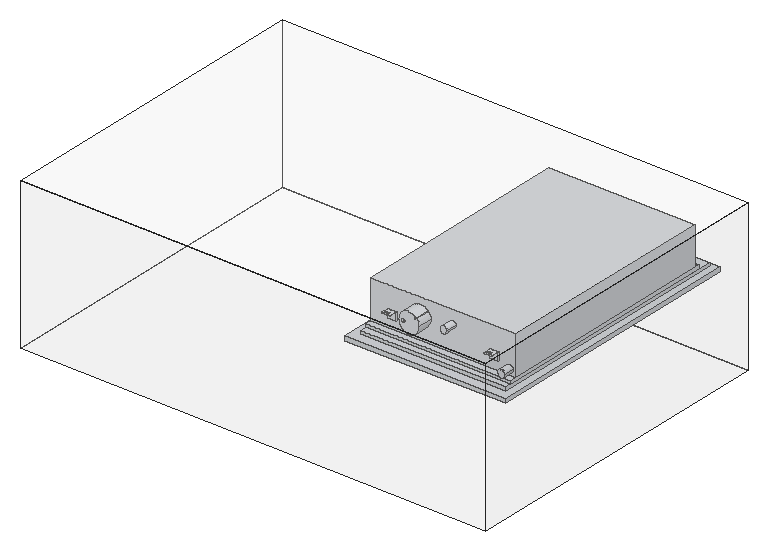
Revit family "pm-(h)rp40_80fa17_50Hz", category 機械設備, Revit 2019
Family settings
  丸型コネクタ寸法 = 直径を使用
  パーツ タイプ = 標準
  OmniClass 番号 = 23.75.10.24.21.27.27
  OmniClass タイトル = Split System Air Conditioning Units
  作業面ベース = いいえ
  常に垂直 = はい
  ロード時にボイドで切り取り = いいえ
  共有 = いいえ
  部屋計算ポイント = はい
Parameters (values of type "天井1方向_PM-RP40FA17")
  風量（静）（m3／min） = 11
  風量（強）（m3／min） = 15
  風量（弱）（m3／min） = 12
  風量（中）（m3／min） = 14
  風量 = MAX風量  # 900.0 m³/h
  音響パワーレベル（弱）(dB) = 47
  音響パワーレベル（中2）(dB) = 50
  音響パワーレベル（中1）(dB) = 52
  音響パワーレベル(dB) = 55
  電源種別 = ""
  電源_H = 60 mm
  電圧_電気ヒーター = 0 V
  電圧 = 200 V
  電動機出力_送風機 = 0.09 kW
  運転質量 = 0.00 kg
  連動 = ""
  質量 = if(製品質量 > 運転質量, 製品質量, 運転質量) * 1.2  # 37.80 kg
  負荷分類 = 3_ファン類
  構成品番 = "PM-RP40FA"
  ドレン管径 (外径) = 32 mm
  ドレン管径 = 25 mm
  サービススペース = yes
  URL = "https://www.mitsubishielectric.co.jp/ldg/wink/ssl/displayProduct.do?pid=311454"
  説明 = "店舗・事務所用パッケージエアコン(Mr.SLIM) [本体]1方向天井カセット形"
  設計暖房能力 = 0.00 kW
  設計冷房能力_顕熱 = 0 kW
  設計冷房能力 = 0 kW
  設置方法 = "カセット形"
  記号 = ""
  製造元 = "三菱電機株式会社"
  製品質量 = 31.50 kg
  製品出荷対象 = "国内"
  製品リリース年月 = "2021/5/10"
  製品グループ = ""
  系統 = ""
  符号 = "PAC-CK1"
  積算_科目 = "1 空気調和設備"
  積算_拾い区分 [instance] = ""
  相 = 1
  盤記号 = ""
  発停方法 = "付属スイッチ"
  特殊仕様 = ""
  火災停止 = ""
  消費電力_電気ヒーター = 0.00 kW
  消費電力_暖房 = 0.07 kW
  消費電力_加湿器 = 0.00 kW
  消費電力_冷房 = 0.08 kW
  消費電力 = if(消費電力_冷房 > 消費電力_暖房, 消費電力_冷房, 消費電力_暖房) + 消費電力_加湿器 + 消費電力_電気ヒーター  # 0.08 kW
  法定耐用年数 = "6"
  極数 = 1
  材質 = ""
  本体マテリアル = none
  有効加湿量 = 0
  暖房能力 = 4.00 kW
  推奨ブレーカー容量 = 0 A
  形式_加湿器 = ""
  形式 = "1方向天井カセット形"
  幹線記号 = ""
  始動方式 = "直入"
  呼称 = "パッケージ形空気調和機_室内機"
  周波数 = 50 Hz
  吊り位置Y = 1173 mm
  吊り位置X = 510 mm
  吊りボルト_H = 117 mm
  台数_手元リモコン = ""
  台数_冷媒分岐ユニット = ""
  参照している仕様書等のバージョン = "公共建築工事標準仕様書（機械設備工事編）平成31年度版"
  加湿給水管径 = 0 mm
  分類コード = "50053003123030"
  分類グループ = ""
  冷房能力 = 3.6 kW
  冷媒高低圧ガス管径 = 0 mm
  冷媒管径符号 = "Ac"
  冷媒管径 = 100 mm
  冷媒液管高さ = 171 mm
  冷媒液管長さ = 72 mm
  冷媒液管径 = 6.4 mm
  冷媒ガス管高さ = 141 mm
  冷媒ガス管長さ = 72 mm
  冷媒ガス管径 = 12.7 mm
  企業コード = "108420"
  付属品_フィルター = ""
  付属品 = ""
  仕様書バージョン = "Version1.0"
  Model = ""
  パネルマテリアル = none
  ドレン管高さ = 159 mm
  コメント [instance] = ""
  ケーブル種類 = ""
  ケーブルサイズ = 0 mm
  Width = 724 mm
  Version = ""
  Uniclass2015Version = "Systems v1.9"
  Uniclass2015Title = "Split coil remote air cooled condensing units"
  Uniclass2015Code = "Pr_70_65_03_84"
  SpecificationReference = ""
  SpecificationDescription = ""
  S_H = 230 mm
  Revision = ""
  ProductInformation = ""
  Panel Width = 800 mm
  Panel Height = 20 mm
  Panel Depth = 1340 mm
  OmniClassCode = "23-33 17 13 11"
  MIN風量 = 風量（静）（m3／min） * 60.0 m³/h  # 660.0 m³/h
  MID風量2 = 風量（弱）（m3／min） * 60.0 m³/h  # 720.0 m³/h
  MID風量 = 風量（中）（m3／min） * 60.0 m³/h  # 840.0 m³/h
  MAX風量 = 風量（強）（m3／min） * 60.0 m³/h  # 900.0 m³/h
  IfcTypeProduct = ""
  IfcProduct = ""
  IfcExportType = "AIRCONDITIONINGUNIT"
  IfcExportAs = "IfcUnitaryEquipmentType"
  Height = 225 mm
  Depth = 1112 mm
  価格 = 275000
  Clearance Top = 230 mm
  Clearance Right = 20 mm
  Clearance Left = 1500 mm
  Clearance Front = 150 mm
  Clearance Bottom = 500 mm
  Clearance Back = 150 mm
  Author = "三菱電機株式会社"
Types (8, lengths in mm): name | 風量（静）（m3／min） | 風量（強）（m3／min） | 風量（弱）（m3／min） | 風量（中）（m3／min） | 風量 | 音響パワーレベル（弱）(dB) | 音響パワーレベル（中2）(dB) | 音響パワーレベル（中1）(dB) | 音響パワーレベル(dB) | 電源_H | 電動機出力_送風機 | 質量 | 構成品番 | URL | 製品質量 | 消費電力_暖房 | 消費電力_冷房 | 消費電力 | 暖房能力 | 冷房能力 | 冷媒管径符号 | 冷媒液管径 | 冷媒ガス管径 | MIN風量 | MID風量2 | MID風量 | MAX風量 | 価格
  天井1方向_PM-RP40FA17 | 11 | 15 | 12 | 14 | 900.0 m³/h | 47 | 50 | 52 | 55 | 60 | 0.09 kW | 37.80 kg | "PM-RP40FA" | "https://www.mitsubishielectric.co.jp/ldg/wink/ssl/displayProduct.do?pid=311454" | 31.50 kg | 0.07 kW | 0.08 kW | 0.08 kW | 4.00 kW | 3.6 kW | "Ac" | 6.4 | 12.7 | 660.0 m³/h | 720.0 m³/h | 840.0 m³/h | 900.0 m³/h | 275000
  天井1方向_PM-RP45FA17 | 11 | 15 | 12 | 14 | 900.0 m³/h | 47 | 50 | 52 | 55 | 60 | 0.09 kW | 37.80 kg | "PM-RP45FA" | "https://www.mitsubishielectric.co.jp/ldg/wink/ssl/displayProduct.do?pid=311455" | 31.50 kg | 0.07 kW | 0.08 kW | 0.08 kW | 4.50 kW | 4 kW | "Ac" | 6.4 | 12.7 | 660.0 m³/h | 720.0 m³/h | 840.0 m³/h | 900.0 m³/h | 283000
  天井1方向_PM-RP50FA17 | 11 | 15 | 12 | 14 | 900.0 m³/h | 47 | 50 | 52 | 55 | 60 | 0.09 kW | 37.80 kg | "PM-RP50FA" | "https://www.mitsubishielectric.co.jp/ldg/wink/ssl/displayProduct.do?pid=311456" | 31.50 kg | 0.07 kW | 0.08 kW | 0.08 kW | 5.00 kW | 4.5 kW | "Ac" | 6.4 | 12.7 | 660.0 m³/h | 720.0 m³/h | 840.0 m³/h | 900.0 m³/h | 306000
  天井1方向_PM-RP56FA17 | 14 | 17 | 15 | 16 | 1020.0 m³/h | 50 | 51 | 53 | 55 | 60 | 0.095 kW | 39.00 kg | "PM-RP56FA" | "https://www.mitsubishielectric.co.jp/ldg/wink/ssl/displayProduct.do?pid=311457" | 32.50 kg | 0.07 kW | 0.08 kW | 0.08 kW | 5.60 kW | 5 kW | "Ac" | 6.4 | 12.7 | 840.0 m³/h | 900.0 m³/h | 960.0 m³/h | 1020.0 m³/h | 317000
  天井1方向_PM-RP63FA17 | 14 | 19 | 16 | 17 | 1140.0 m³/h | 50 | 52 | 54 | 56 | 60 | 0.095 kW | 39.00 kg | "PM-RP63FA" | "https://www.mitsubishielectric.co.jp/ldg/wink/ssl/displayProduct.do?pid=311458" | 32.50 kg | 0.08 kW | 0.09 kW | 0.09 kW | 6.30 kW | 5.6 kW | "Ac" | 6.4 | 12.7 | 840.0 m³/h | 960.0 m³/h | 1020.0 m³/h | 1140.0 m³/h | 330000
  天井1方向_PM-RP71FA17 | 14 | 20 | 16 | 18 | 1200.0 m³/h | 51 | 53 | 55 | 58 | 60 | 0.095 kW | 39.00 kg | "PM-RP71FA" | "https://www.mitsubishielectric.co.jp/ldg/wink/ssl/displayProduct.do?pid=311501" | 32.50 kg | 0.09 kW | 0.10 kW | 0.10 kW | 7.00 kW | 6.3 kW | "Bd" | 9.5 | 15.9 | 840.0 m³/h | 960.0 m³/h | 1080.0 m³/h | 1200.0 m³/h | 336000
  天井1方向_PM-RP80FA17 | 14 | 20 | 16 | 18 | 1200.0 m³/h | 51 | 53 | 55 | 58 | 0 | 0.095 kW | 39.00 kg | "PM-RP80FA" | "https://www.mitsubishielectric.co.jp/ldg/wink/ssl/displayProduct.do?pid=311502" | 32.50 kg | 0.09 kW | 0.10 kW | 0.10 kW | 8.00 kW | 7.1 kW | "Bd" | 9.5 | 15.9 | 840.0 m³/h | 960.0 m³/h | 1080.0 m³/h | 1200.0 m³/h | 352000
  天井1方向_PM-HRP80FA17 | 14 | 20 | 16 | 18 | 1200.0 m³/h | 51 | 53 | 55 | 59 | 60 | 0.095 kW | 40.20 kg | "PM-HRP80FA" | "https://www.mitsubishielectric.co.jp/ldg/wink/ssl/displayProduct.do?pid=311503" | 33.50 kg | 0.10 kW | 0.11 kW | 0.11 kW | 8.00 kW | 7.1 kW | "Bd" | 9.5 | 15.9 | 840.0 m³/h | 960.0 m³/h | 1080.0 m³/h | 1200.0 m³/h | 358000
Reference planes
  plane 1 "中心(正面/背面)": y = 0
  plane 2: z = 0
  plane 3 "中心(左/右)": x = 0
  plane 4: x = -400
  plane 5: x = 400
  plane 6: y = 670
  plane 7: y = -670
  plane 8: z = 225
  plane 9: z = 230
  plane 10: x = -255
  plane 11: x = 255
  plane 12: y = 586.5
  plane 13: y = -586.5
  plane 14: y = 556
  plane 15: y = -556
  plane 16: x = -362
  plane 17: x = 362
  plane 18: x = -1900
  plane 19: x = 420
  plane 20: y = 820
  plane 21: y = -820
  plane 22: z = 230
  plane 23: z = -20
  plane 24: z = -520
Dimensions and locks
  equal spacing: plane 4, plane 3 "中心(左/右)", plane 5
  plane 4 to plane 5 = 800 mm
  equal spacing: plane 7, plane 1 "中心(正面/背面)", plane 6
  plane 4 to plane 10 = 145 mm
  plane 11 to plane 5 = 145 mm
  "S_H": plane 9 to level
  "吊り位置X": plane 10 to plane 11
  equal spacing: plane 10, plane 3 "中心(左/右)", plane 11
  equal spacing: plane 13, plane 1 "中心(正面/背面)", plane 12
  "吊り位置Y": plane 13 to plane 12
  equal spacing: plane 15, plane 1 "中心(正面/背面)", plane 14
  "Depth": plane 15 to plane 14
  equal spacing: plane 16, plane 3 "中心(左/右)", plane 17
  "Width": plane 16 to plane 17
  "Clearance Left": plane 18 to plane 4
  "Clearance Right": plane 5 to plane 19
  "Clearance Back": plane 6 to plane 20
  "Clearance Front": plane 21 to plane 7
  locked: level to plane 23 at 20
  "Clearance Bottom": plane 23 to plane 24
  "Clearance Top": plane 22 to level
  plane 12 to plane 6 = 83.5 mm
  plane 7 to plane 13 = 83.5 mm
  plane 7 to plane 6 = 1340 mm
  "Height": plane 8 to level
  aligned and locked: level to plane 2
  aligned and locked: plane 10 to nested 2
  aligned and locked: plane 11 to nested 2
  aligned and locked: nested 2 to plane 12
  aligned and locked: plane 13 to nested 2
  aligned and locked: plane 18 to nested 1
  aligned and locked: plane 19 to nested 1
  aligned and locked: nested 1 to plane 21
  aligned and locked: nested 1 to plane 20
  aligned and locked: plane 22 to nested 1
  aligned and locked: plane 24 to nested 1
  aligned and locked: plane 1 "中心(正面/背面)" to nested 3
  aligned and locked: nested 3 to plane 3 "中心(左/右)"
Nested families
  nested 1: "サービススペース" at (-740, 0, -145), visible <- "サービススペース", type "サービススペース"
    with Width 2320 mm, Height 750 mm, Depth 1640 mm
  nested 2: "固定点" at (-255, -586.5, 0), type "固定点"
    with W 510 mm, D 1173 mm
  nested 3: "PM-RP○○FA17" at (0, 0, 0) x (0, -1, 0) z (0, 0, 1), type "PM-RP○○FA17"
    with ユニット表示 yes, 冷媒液管径-Z 171 mm, 冷媒ガス管径-Z 141 mm, ドレン配管サイズ 32 mm
Connectors
  piping at (47, -613, 159), diameter 25, driven by "ドレン管径"
    settings: on nested 3, index 1, connector inside diameter 609.6 mm, connector length 0 mm, flow factor 0, pipe flow 0.0 L/s, pressure drop 0.0 Pa, fitting loss kfactor 0, connector angle 0.00°, fixture units 0, engagement length 0 mm, angle of deflection 0.00°, flow configuration 1, flow direction 2, fitting loss method 4, system type 16, joint type 0, gender type 0, connector reference index -1, connector utility 0, adjustable connector no, is connector primary yes, connector description ""
  piping at (-113, -628, 141), diameter 100, driven by "冷媒管径", driven by "冷媒管径符号"
    settings: on nested 3, index 2, connector inside diameter 609.6 mm, connector length 0 mm, flow factor 0, pipe flow 0.0 L/s, pressure drop 0.0 Pa, fitting loss kfactor 0, connector angle 0.00°, fixture units 0, engagement length 0 mm, angle of deflection 0.00°, flow configuration 1, flow direction 1, fitting loss method 4, system type 7, joint type 0, gender type 0, connector reference index -1, connector utility 0, adjustable connector no, is connector primary no, connector description "Ac"
  electrical at (330, -606, 60), driven by "極数", driven by "負荷分類", driven by "電圧", driven by "消費電力"
    settings: on nested 3, index 3, voltage 200 V, apparent load 80 VA, apparent load phase1 0 VA, apparent load phase2 0 VA, apparent load phase3 0 VA, power factor 1, load classification "3_ファン類", number of poles 1, system type 30, power factor state 1, is connector primary yes, connector utility no, sub classification motor no, connector description ""
Definition of nested family "サービススペース"
  Parameters (values of type "サービススペース")
    Width [instance] = 500 mm
    Height [instance] = 500 mm
    Depth [instance] = 500 mm
  Reference planes
    plane 1 "中心(正面/背面)": y = 0
    plane 2: z = 0
    plane 3 "中心(左/右)": x = 0
    plane 4: y = -250
    plane 5: x = 250
    plane 6: y = 250
    plane 7: x = -250
    plane 8: z = 250
    plane 9: z = -250
  Forms (mm)
    Extrusion 1, solid
      sketch origin (-638.939, 0, 72.39) x (1, 0, 0) y (0, 1, 0)
        loop
          line (388.939, 250) -> (388.939, -250) -> (888.939, -250) -> (888.939, 250) -> (388.939, 250)
      from -322.39 to 177.61
  Lines and regions (mm)
    symbolic lines
      curve 1: line (-250, 0, 250) -> (250, 0, 250)
      curve 2: line (-250, 0, -250) -> (-250, 0, 250)
      curve 3: line (250, 0, -250) -> (-250, 0, -250)
      curve 4: line (250, 0, 250) -> (250, 0, -250)
      curve 5: line (0, -250, 250) -> (0, 250, 250)
      curve 6: line (0, -250, -250) -> (0, -250, 250)
      curve 7: line (0, 250, -250) -> (0, -250, -250)
      curve 8: line (0, 250, 250) -> (0, 250, -250)
      curve 9: line (-250, 250, 0) -> (250, 250, 0)
      curve 10: line (-250, -250, 0) -> (-250, 250, 0)
      curve 11: line (250, -250, 0) -> (-250, -250, 0)
      curve 12: line (250, 250, 0) -> (250, -250, 0)
  Dimensions and locks
    equal spacing: plane 7, plane 3 "中心(左/右)", plane 5
    equal spacing: plane 4, plane 1 "中心(正面/背面)", plane 6
    "Depth": plane 4 to plane 6
    "Width": plane 7 to plane 5
    equal spacing: plane 8, plane 2, plane 9
    "Height": plane 8 to plane 9
    aligned and locked: plane 9 to curve 3
    aligned and locked: plane 7 to curve 2
    aligned and locked: curve 4 to plane 5
    aligned and locked: plane 5 to Extrusion 1
    aligned and locked: Extrusion 1 to plane 7
    aligned and locked: Extrusion 1 to plane 9
    aligned and locked: plane 8 to Extrusion 1
    aligned and locked: plane 9 to curve 7
  Automatic sketch dimensions
    plane 4 to Extrusion 1 sketch curve = 0 mm
    Extrusion 1 sketch curve to plane 7 = 0 mm
    Extrusion 1 sketch curve to plane 5 = 0 mm
    plane 6 to Extrusion 1 sketch curve = 0 mm
    curve 2 to plane 8 = 0 mm
    plane 4 to curve 11 = 0 mm
    curve 11 to plane 7 = 0 mm
    curve 11 to plane 5 = 0 mm
    plane 6 to curve 10 = 0 mm
    curve 7 to plane 4 = 0 mm
    curve 7 to plane 6 = 0 mm
    curve 6 to plane 8 = 0 mm
Definition of nested family "PM-RP○○FA17"
  Parameters (values of type "PM-RP○○FA17")
    配線取出口サイズ = 36 mm
    配線取出口-Z = 60 mm
    配線取出口-Y = 32 mm
    配線取出口-X = 50 mm
    液配管サイズ = 6.4 mm
    冷媒ガス管径-Z2 = 141 mm
    冷媒ガス管径-Z1 = 171 mm
    A = 幅さ + 228 mm  # 1340 mm
    高さ = 225 mm
    奥行き = 724 mm
    吊りボルト_H = 117 mm
    冷媒配管 = 100 mm
    冷媒液管径-Z = 156 mm
    冷媒液管径-Y = 445 mm
    冷媒液管径-X = 72 mm
    冷媒ガス管径-Z = 156 mm
    冷媒ガス管径-Y = 505 mm
    冷媒ガス管径-X = 72 mm
    ユニット表示 [instance] = yes
    ボルトピッチ = 510 mm
    ドレン配管サイズ = 25 mm
    ドレン管径-Z = 159 mm
    ドレン管径-Y = 315 mm
    ドレン管径-X = 57 mm
    ガス配管サイズ = 12.7 mm
    D = 幅さ + 61 mm  # 1173 mm
    幅さ = 1112 mm
    B = 幅さ + 188 mm  # 1300 mm
  Reference planes
    plane 1 "中心(正面/背面)": y = 0
    plane 2: z = 0
    plane 3 "中心(左/右)": x = 0
    plane 4: x = -670
    plane 5: x = 670
    plane 6: y = 400
    plane 7: y = -400
    plane 8: z = 225
    plane 9: z = -20
    plane 10: x = -556
    plane 11: x = 556
    plane 12: y = 362
    plane 13: y = -362
    plane 14: z = 16
    plane 15: x = -650
    plane 16: x = 650
    plane 17: x = 586.5
    plane 18: x = -586.5
    plane 19: z = 32
    plane 20: x = 620
    plane 21: y = 255
    plane 22: y = -255
    plane 23: x = 628
    plane 24: y = -143
    plane 25: z = 156
    plane 26: x = 628
    plane 27: y = -83
    plane 28: x = 613
    plane 29: y = 47
    plane 30: z = 159
    plane 31: x = 606
    plane 32: y = 330
    plane 33: z = 60
    plane 34: z = 117
    plane 35: z = 115
    plane 36: z = 75
    plane 37: y = 275
    plane 38: y = 235
    plane 39: y = -235
    plane 40: y = -275
    plane 41: y = 260
    plane 42: y = 250
    plane 43: y = -250
    plane 44: y = -260
    plane 45: x = -596
    plane 46: x = 596
    plane 47: x = -558
    plane 48: x = 558
    plane 49: z = 141
    plane 50: z = 171
  Forms (mm)
    Extrusion 1, solid, visible <- "ユニット表示", detail levels fine
      sketch origin (0, 0, 0) x (1, 0, 0) y (0, 1, 0)
        loop
          line (-556, 362) -> (-556, -362) -> (556, -362) -> (556, 362) -> (-556, 362)
      from 32 to 225
    Extrusion 2, solid, visible <- "ユニット表示", detail levels fine
      sketch origin (-1437.329, -1524, 16) x (-1, 0, 0) y (0, -1, 0)
        loop
          line (-850.829, -1886) -> (-850.829, -1162) -> (-2023.829, -1162) -> (-2023.829, -1886) -> (-850.829, -1886)
      from 0 to 16
    Extrusion 3, solid, visible <- "ユニット表示", detail levels fine
      sketch origin (-1437.329, -1524, 16) x (-1, 0, 0) y (0, -1, 0)
        loop
          line (-787.329, -1886) -> (-787.329, -1162) -> (-2057.329, -1162) -> (-2057.329, -1886) -> (-787.329, -1886)
      from 0 to -16
    Extrusion 4, solid, visible <- "ユニット表示", detail levels fine
      sketch origin (556, 1296.25, 1200) x (0, 1, 0) y (0, 0, 1)
        loop
          circle (-1439.25, -1059) r 6.35
      from 0 to 72
    Extrusion 5, solid, visible <- "ユニット表示", detail levels fine
      sketch origin (556, 1296.25, 1200) x (0, 1, 0) y (0, 0, 1)
        loop
          circle (-1379.25, -1029) r 3.2
      from 0 to 72
    Extrusion 6, solid, visible <- "ユニット表示", detail levels fine
      sketch origin (556, 1296.25, 1200) x (0, 1, 0) y (0, 0, 1)
        loop
          circle (-1249.25, -1041) r 12.5
      from 0 to 57
    Extrusion 7, solid, visible <- "ユニット表示", detail levels fine
      sketch origin (556, 1296.25, 1200) x (0, 1, 0) y (0, 0, 1)
        loop
          circle (-966.25, -1140) r 18
      from 0 to 50
    Extrusion 8, solid, visible <- "ユニット表示", detail levels fine
      sketch origin (556, 1306.25, 1200) x (0, 1, 0) y (0, 0, 1)
        loop
          circle (-1419.25, -1044) r 50
      from 0 to 72
    Extrusion 9, solid, visible <- "ユニット表示"
      sketch origin (0, 0, 0) x (1, 0, 0) y (0, 1, 0)
        loop
          line (-670, 400) -> (-670, -400) -> (670, -400) -> (670, 400) -> (-670, 400)
      from 0 to -20
    Extrusion 10, solid, visible <- "ユニット表示", detail levels fine
      sketch origin (0, 0, 0) x (1, 0, 0) y (0, 1, 0)
        loop
          line (-581.5, 260) -> (-581.5, 250)
          arc (-581.5, 250) -> (-586.5, 245) -> (-591.5, 250) r 5
          line (-591.5, 250) -> (-596, 250) -> (-596, 235) -> (-556, 235) -> (-556, 275) -> (-596, 275) -> (-596, 260) -> (-591.5, 260)
          arc (-591.5, 260) -> (-586.5, 265) -> (-581.5, 260) r 5
        loop
          arc (581.5, 260) -> (586.5, 265) -> (591.5, 260) r 5
          line (591.5, 260) -> (596, 260) -> (596, 275) -> (556, 275) -> (556, 235) -> (596, 235) -> (596, 250) -> (591.5, 250)
          arc (591.5, 250) -> (586.5, 245) -> (581.5, 250) r 5
          line (581.5, 250) -> (581.5, 260)
        loop
          line (581.5, -260) -> (581.5, -250)
          arc (581.5, -250) -> (586.5, -245) -> (591.5, -250) r 5
          line (591.5, -250) -> (596, -250) -> (596, -235) -> (556, -235) -> (556, -275) -> (596, -275) -> (596, -260) -> (591.5, -260)
          arc (591.5, -260) -> (586.5, -265) -> (581.5, -260) r 5
        loop
          arc (-581.5, -260) -> (-586.5, -265) -> (-591.5, -260) r 5
          line (-591.5, -260) -> (-596, -260) -> (-596, -275) -> (-556, -275) -> (-556, -235) -> (-596, -235) -> (-596, -250) -> (-591.5, -250)
          arc (-591.5, -250) -> (-586.5, -245) -> (-581.5, -250) r 5
          line (-581.5, -250) -> (-581.5, -260)
      from 115 to 117
    Extrusion 11, solid, visible <- "ユニット表示", detail levels fine
      sketch origin (0, 0, 0) x (1, 0, 0) y (0, 1, 0)
        loop
          line (-558, 275) -> (-558, 235) -> (-556, 235) -> (-556, 275) -> (-558, 275)
        loop
          line (556, 275) -> (556, 235) -> (558, 235) -> (558, 275) -> (556, 275)
        loop
          line (556, -235) -> (556, -275) -> (558, -275) -> (558, -235) -> (556, -235)
        loop
          line (-558, -235) -> (-558, -275) -> (-556, -275) -> (-556, -235) -> (-558, -235)
      from 75 to 115
  Dimensions and locks
    equal spacing: plane 7, plane 1 "中心(正面/背面)", plane 6
    plane 7 to plane 6 = 800 mm
    equal spacing: plane 4, plane 3 "中心(左/右)", plane 5
    "A": plane 4 to plane 5
    locked: level to plane 9 at 20
    equal spacing: plane 13, plane 1 "中心(正面/背面)", plane 12
    "奥行き": plane 13 to plane 12
    equal spacing: plane 10, plane 3 "中心(左/右)", plane 11
    "幅さ": plane 10 to plane 11
    locked: plane 14 to level at 16
    equal spacing: plane 15, plane 3 "中心(左/右)", plane 16
    "B": plane 15 to plane 16
    equal spacing: plane 18, plane 3 "中心(左/右)", plane 17
    "D": plane 18 to plane 17
    equal spacing: plane 22, plane 1 "中心(正面/背面)", plane 21
    "ボルトピッチ": plane 22 to plane 21
    "冷媒ガス管径-X": plane 11 to plane 23
    "冷媒ガス管径-Y": plane 24 to plane 12
    "冷媒液管径-X": plane 11 to plane 26
    "冷媒液管径-Y": plane 27 to plane 12
    "ドレン管径-X": plane 11 to plane 28
    "ドレン管径-Y": plane 29 to plane 12
    "配線取出口-X": plane 11 to plane 31
    "配線取出口-Y": plane 32 to plane 12
    "配線取出口-Z": plane 33 to level
    "ドレン管径-Z": plane 30 to level
    "冷媒ガス管径-Z": plane 25 to level
    locked: plane 35 to plane 36 at 40
    locked: plane 34 to plane 35 at 2
    "吊りボルト_H": plane 34 to level
    plane 40 to plane 22 to plane 39 = 20 mm locked, 20 mm locked
    plane 38 to plane 21 to plane 37 = 20 mm locked, 20 mm locked
    plane 44 to plane 22 to plane 43 = 5 mm locked, 5 mm locked
    plane 42 to plane 21 to plane 41 = 5 mm locked, 5 mm locked
    locked: plane 45 to plane 10 at 40
    locked: plane 11 to plane 46 at 40
    locked: plane 11 to plane 48 at 2
    locked: plane 47 to plane 10 at 2
    plane 16 to plane 15 = 1300 mm
    plane 4 to plane 15 = 20 mm
    plane 15 to plane 10 = 94 mm
    plane 11 to plane 16 = 94 mm
    plane 12 to plane 6 = 38 mm
    locked: plane 19 to plane 14 at 16
    "高さ": plane 8 to level
    equal spacing: plane 24, Extrusion 8 sketch curve, plane 27
    plane 7 to plane 13 = 38 mm
    plane 16 to plane 5 = 20 mm
    "冷媒ガス管径-Z2": plane 49 to level
    "冷媒ガス管径-Z1": plane 50 to level
    "ガス配管サイズ": diameter of Extrusion 4 sketch curve
    "液配管サイズ": diameter of Extrusion 5 sketch curve
    "配線取出口サイズ": diameter of Extrusion 7 sketch curve
    "冷媒配管": diameter of Extrusion 8 sketch curve
    "ドレン配管サイズ": diameter of Extrusion 6 sketch curve
    aligned and locked: level to plane 2
    aligned and locked: plane 12 to Extrusion 1 sketch curve
    aligned and locked: plane 10 to Extrusion 1 sketch curve
    aligned and locked: Extrusion 1 sketch curve to plane 13
    aligned and locked: Extrusion 1 sketch curve to plane 11
    aligned and locked: plane 8 to Extrusion 1
    aligned and locked: plane 12 to Extrusion 2 sketch curve
    aligned and locked: plane 18 to Extrusion 2 sketch curve
    aligned and locked: Extrusion 2 sketch curve to plane 13
    aligned and locked: Extrusion 2 sketch curve to plane 17
    aligned and locked: plane 19 to Extrusion 2
    aligned and locked: Extrusion 1 to Extrusion 2
    aligned and locked: plane 12 to Extrusion 3 sketch curve
    aligned and locked: Extrusion 3 sketch curve to plane 13
    aligned and locked: Extrusion 3 sketch curve to plane 20
    aligned and locked: Extrusion 3 to level
    aligned and locked: plane 14 to Extrusion 3
    aligned and locked: plane 24 to Extrusion 4 sketch curve
    aligned and locked: Extrusion 4 to plane 11
    aligned and locked: plane 23 to Extrusion 4
    aligned and locked: plane 27 to Extrusion 5 sketch curve
    aligned and locked: plane 26 to Extrusion 5
    aligned and locked: Extrusion 5 to plane 11
    aligned and locked: plane 30 to Extrusion 6 sketch curve
    aligned and locked: plane 29 to Extrusion 6 sketch curve
    aligned and locked: Extrusion 6 to plane 11
    aligned and locked: plane 28 to Extrusion 6
    aligned and locked: plane 33 to Extrusion 7 sketch curve
    aligned and locked: plane 32 to Extrusion 7 sketch curve
    aligned and locked: Extrusion 7 to plane 11
    aligned and locked: plane 31 to Extrusion 7
    aligned and locked: plane 25 to Extrusion 8 sketch curve
    aligned and locked: Extrusion 8 to plane 11
    aligned and locked: plane 26 to Extrusion 8
    aligned and locked: level to Extrusion 9
    aligned and locked: Extrusion 9 to plane 9
    aligned and locked: Extrusion 10 sketch curve to plane 10
    aligned and locked: plane 34 to Extrusion 10
    aligned and locked: Extrusion 10 to plane 35
    aligned and locked: plane 37 to Extrusion 10 sketch curve
    aligned and locked: plane 45 to Extrusion 10 sketch curve  (x2)
    aligned and locked: Extrusion 10 sketch curve to plane 38
    aligned and locked: Extrusion 10 sketch curve to plane 42
    aligned and locked: Extrusion 10 sketch curve to plane 41
    aligned and locked: plane 41 to Extrusion 10 sketch curve  (x3)
    aligned and locked: plane 42 to Extrusion 10 sketch curve  (x3)
    aligned and locked: plane 18 to Extrusion 10 sketch curve  (x4)
    aligned and locked: plane 10 to Extrusion 10 sketch curve
    aligned and locked: Extrusion 10 sketch curve to plane 39
    aligned and locked: plane 40 to Extrusion 10 sketch curve
    aligned and locked: plane 44 to Extrusion 10 sketch curve  (x3)
    aligned and locked: plane 43 to Extrusion 10 sketch curve  (x3)
    aligned and locked: Extrusion 10 sketch curve to plane 43
    aligned and locked: Extrusion 10 sketch curve to plane 44
    aligned and locked: Extrusion 10 sketch curve to plane 45  (x2)
    aligned and locked: plane 11 to Extrusion 10 sketch curve
    aligned and locked: Extrusion 10 sketch curve to plane 46  (x2)
    aligned and locked: plane 17 to Extrusion 10 sketch curve  (x4)
    aligned and locked: Extrusion 10 sketch curve to plane 40
    aligned and locked: plane 39 to Extrusion 10 sketch curve
    aligned and locked: plane 46 to Extrusion 10 sketch curve  (x2)
    aligned and locked: plane 38 to Extrusion 10 sketch curve
    aligned and locked: Extrusion 10 sketch curve to plane 11
    aligned and locked: Extrusion 10 sketch curve to plane 37
    aligned and locked: plane 37 to Extrusion 11 sketch curve
    aligned and locked: plane 47 to Extrusion 11 sketch curve  (x2)
    aligned and locked: Extrusion 11 sketch curve to Extrusion 10  (x8)
    aligned and locked: Extrusion 11 sketch curve to plane 38
    aligned and locked: Extrusion 11 sketch curve to plane 48  (x2)
    aligned and locked: Extrusion 11 sketch curve to plane 40
    aligned and locked: plane 39 to Extrusion 11 sketch curve
    aligned and locked: Extrusion 11 to Extrusion 10
    aligned and locked: Extrusion 11 to plane 36
    aligned and locked: plane 49 to Extrusion 4 sketch curve
    aligned and locked: plane 50 to Extrusion 5 sketch curve
  Automatic sketch dimensions
    Extrusion 9 sketch curve to plane 4 = 0 mm
    Extrusion 9 sketch curve to plane 5 = 0 mm
    plane 7 to Extrusion 9 sketch curve = 0 mm
    plane 6 to Extrusion 9 sketch curve = 0 mm
    Extrusion 10 sketch curve to plane 18 = 5 mm  (x2)
    Extrusion 10 sketch curve to plane 17 = 5 mm  (x2)
    Extrusion 3 sketch curve to plane 15 = 0 mm
Definition of nested family "固定点"
  Parameters (values of type "固定点")
    中心円 = 20 mm
    W [instance] = 1000 mm
    D [instance] = 1000 mm
  Reference planes
    plane 1 "中心(正面/背面)": y = 0
    plane 2: z = 0
    plane 3 "中心(左/右)": x = 0
    plane 4: x = 1000
    plane 5: y = 1000
  Lines and regions (mm)
    symbolic lines, detail levels fine
      curve 1: circle (0, 1000, 0) r 10 normal (0, 0, 1)
      curve 2: circle (0, 0, 0) r 10 normal (0, 0, 1)
      curve 3: circle (1000, 1000, 0) r 10 normal (0, 0, 1)
      curve 4: circle (1000, 0, 0) r 10 normal (0, 0, 1)
      curve 5: line (-200, 1000, 0) -> (1200, 1000, 0)
      curve 6: line (-200, 0, 0) -> (1200, 0, 0)
      curve 7: line (0, 1200, 0) -> (0, -200, 0)
      curve 8: line (1000, 1200, 0) -> (1000, -200, 0)
  Dimensions and locks
    "W": plane 3 "中心(左/右)" to plane 4
    "D": plane 1 "中心(正面/背面)" to plane 5
    "中心円": diameter of curve 1
    "中心円": diameter of curve 2
    "中心円": diameter of curve 3
    "中心円": diameter of curve 4
    aligned and locked: level to plane 2
    aligned and locked: plane 5 to curve 1
    aligned and locked: plane 3 "中心(左/右)" to curve 1
    aligned and locked: plane 3 "中心(左/右)" to curve 2
    aligned and locked: plane 1 "中心(正面/背面)" to curve 2
    aligned and locked: plane 4 to curve 3
    aligned and locked: plane 5 to curve 3
    aligned and locked: plane 1 "中心(正面/背面)" to curve 4
    aligned and locked: plane 4 to curve 4
    aligned and locked: plane 1 "中心(正面/背面)" to curve 6
    aligned and locked: curve 7 to plane 3 "中心(左/右)"
    aligned and locked: curve 8 to plane 4
  Automatic sketch dimensions
    curve 5 to plane 5 = 0 mm
    curve 6 to plane 3 "中心(左/右)" = 200 mm
    curve 5 to plane 3 "中心(左/右)" = 200 mm
    curve 4 to curve 6 = 200 mm
    curve 3 to curve 5 = 200 mm
    plane 1 "中心(正面/背面)" to curve 8 = 200 mm
    plane 1 "中心(正面/背面)" to curve 7 = 200 mm
    curve 3 to curve 8 = 200 mm
    curve 1 to curve 7 = 200 mm
